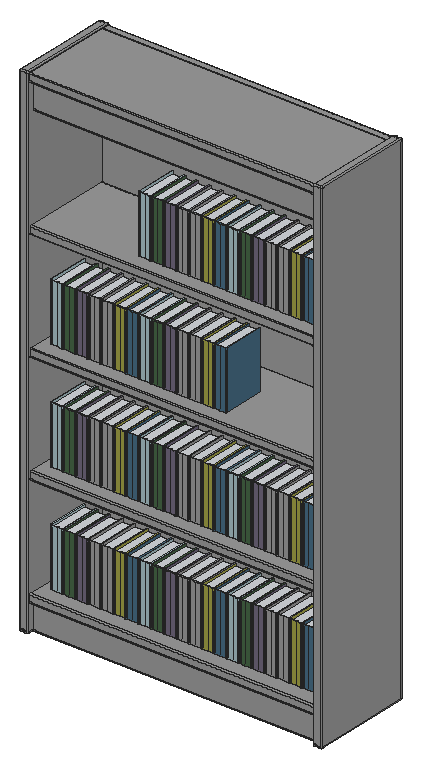
Revit family "Array 36x12x60", category Generic Models, Revit 2018
Family settings
  Can host rebar = No
  Round Connector Dimension = Use Diameter
  Part Type = Normal
  Work Plane-Based = No
  Always vertical = Yes
  Cut with Voids When Loaded = No
  Shared = No
  Room Calculation Point = No
Parameters
  Surface = Array Glider 36x12x60
Reference planes (in)
  plane 1 "Center (Front/Back)": y = 0
  plane 2: z = 0
  plane 3 "Center (Left/Right)": x = 0
Forms (in)
  Extrusion 1, solid, material "Array Glider 36x12x60" <- "Surface"
    sketch origin (0, 0, 18) x (0, 1, 0) y (0, 0, 1)
      loop
        line (-0.125, 41.23662) -> (-0.125, 42.00062)
        arc (-0.125, 42.00062) -> (-0.15956, 42.08405) -> (-0.243, 42.11862) r 0.118
        line (-0.243, 42.11862) -> (-11.757, 42.11862)
        arc (-11.757, 42.11862) -> (-11.84044, 42.08405) -> (-11.875, 42.00062) r 0.118
        line (-11.875, 42.00062) -> (-11.875, 41.23662)
        arc (-11.875, 41.23662) -> (-11.84044, 41.15318) -> (-11.757, 41.11862) r 0.118
        line (-11.757, 41.11862) -> (-0.243, 41.11862)
        arc (-0.243, 41.11862) -> (-0.15956, 41.15318) -> (-0.125, 41.23662) r 0.118
    from -17 to 17
  Extrusion 2, solid, material "Array Glider 36x12x60" <- "Surface"
    sketch origin (0, 0, -37.625) x (0, 1, 0) y (0, 0, 1)
      loop
        line (-0.993, 42.11862) -> (-11.757, 42.11862)
        arc (-11.757, 42.11862) -> (-11.84044, 42.08405) -> (-11.875, 42.00062) r 0.118
        line (-11.875, 42.00062) -> (-11.875, 41.23662)
        arc (-11.875, 41.23662) -> (-11.84044, 41.15318) -> (-11.757, 41.11862) r 0.118
        line (-11.757, 41.11862) -> (-0.993, 41.11862) -> (-0.993, 42.11862)
    from -17 to 17
  Extrusion 3, solid, material "Array Glider 36x12x60" <- "Surface"
    sketch origin (0, 0, 18) x (0, 1, 0) y (0, 0, 1)
      loop
        line (-11.25, 41.11862) -> (-11.25, 37.98662)
        arc (-11.25, 37.98662) -> (-11.21544, 37.90318) -> (-11.132, 37.86862) r 0.118
        line (-11.132, 37.86862) -> (-10.368, 37.86862)
        arc (-10.368, 37.86862) -> (-10.28456, 37.90318) -> (-10.25, 37.98662) r 0.118
        line (-10.25, 37.98662) -> (-10.25, 41.11862) -> (-11.25, 41.11862)
    from -17 to 17
  Extrusion 4, solid, material "Array Glider 36x12x60" <- "Surface"
    sketch origin (0, 0, -37.625) x (0, 1, 0) y (0, 0, 1)
      loop
        line (-11.25, 41.11862) -> (-11.25, 37.98662)
        arc (-11.25, 37.98662) -> (-11.21544, 37.90318) -> (-11.132, 37.86862) r 0.118
        line (-11.132, 37.86862) -> (-10.368, 37.86862)
        arc (-10.368, 37.86862) -> (-10.28456, 37.90318) -> (-10.25, 37.98662) r 0.118
        line (-10.25, 37.98662) -> (-10.25, 41.11862) -> (-11.25, 41.11862)
    from -17 to 17
  Extrusion 5, solid, material "Array Glider 36x12x60" <- "Surface"
    sketch origin (0, -0.618, 0) x (0, 1, 0) y (0, 0, 1)
      loop
        line (0.375, 0.24362) -> (0.375, 60.11862) -> (-0.375, 60.11862) -> (-0.375, 0.24362) -> (0.375, 0.24362)
    from -17 to 17
  Extrusion 6, solid, material "Array Glider 36x12x60" <- "Surface"
    sketch origin (0, 0, -24.53125) x (0, 1, 0) y (0, 0, 1)
      loop
        line (-0.993, 41.23662) -> (-0.993, 42.00062)
        arc (-0.993, 42.00062) -> (-1.02756, 42.08405) -> (-1.111, 42.11862) r 0.118
        line (-1.111, 42.11862) -> (-11.632, 42.11862)
        arc (-11.632, 42.11862) -> (-11.71544, 42.08405) -> (-11.75, 42.00062) r 0.118
        line (-11.75, 42.00062) -> (-11.75, 41.23662)
        arc (-11.75, 41.23662) -> (-11.71544, 41.15318) -> (-11.632, 41.11862) r 0.118
        line (-11.632, 41.11862) -> (-1.111, 41.11862)
        arc (-1.111, 41.11862) -> (-1.02756, 41.15318) -> (-0.993, 41.23662) r 0.118
    from -17 to 17
  Revolve 7, solid, material "Array Gliders"
    sketch origin (0, -9.56264, 0) x (1, 0, 0) y (0, 0, 1)
      loop
        line (-15.31312, 0) -> (-14.97741, 0)
        arc (-14.97741, 0) -> (-14.96813, 0.01343) -> (-14.9733, 0.02891) r 0.01826
        line (-14.9733, 0.02891) -> (-15.1255, 0.18112) -> (-15.18869, 0.18112) -> (-15.18869, 1.17538) -> (-15.31312, 1.17538) -> (-15.31312, 0)
      axis (-15.31312, 0) -> (-15.31312, 1.17538)
    angle from 0 to 360
  Extrusion 8, solid, material "Array Gliders"
    sketch origin (0, 0, 0) x (1, 0, 0) y (0, 1, 0)
      loop
        line (-13.9375, -10.25) -> (-16, -8.1875) -> (-16, -10.25) -> (-13.9375, -10.25)
    from 0.24362 to 0.30612
  Extrusion 9, solid, material "Array Glider 36x12x60" <- "Surface"
    sketch origin (0, 0, 0) x (1, 0, 0) y (0, 0, 1)
      loop
        line (-17, 3.49362) -> (-17, 0.24362) -> (-16, 0.24362) -> (-16, 3.49362) -> (-17, 3.49362)
    from 0.993 to 10.25
  Extrusion 10, solid, material "Array Glider 36x12x60" <- "Surface"
    sketch origin (0, 0, 0) x (-1, 0, 0) y (0, 0, -1)
      loop
        line (-17, -3.49362) -> (-16, -3.49362) -> (-16, -0.24362) -> (-17, -0.24362) -> (-17, -3.49362)
    from 0.993 to 10.25
  Extrusion 11, solid, material "Array Glider 36x12x60" <- "Surface"
    sketch origin (0, 0, 55.625) x (-1, 0, 0) y (0, 0, -1)
      loop
        line (-17, -3.49362) -> (-16, -3.49362) -> (-16, -0.36162)
        arc (-16, -0.36162) -> (-16.03456, -0.27818) -> (-16.118, -0.24362) r 0.118
        line (-16.118, -0.24362) -> (-16.882, -0.24362)
        arc (-16.882, -0.24362) -> (-16.96544, -0.27818) -> (-17, -0.36162) r 0.118
        line (-17, -0.36162) -> (-17, -3.49362)
    from 0.993 to 10.25
  Extrusion 12, solid, material "Array Glider 36x12x60" <- "Surface"
    sketch origin (0, 0, 55.625) x (1, 0, 0) y (0, 0, 1)
      loop
        line (-17, 3.49362) -> (-17, 0.36162)
        arc (-17, 0.36162) -> (-16.96544, 0.27818) -> (-16.882, 0.24362) r 0.118
        line (-16.882, 0.24362) -> (-16.118, 0.24362)
        arc (-16.118, 0.24362) -> (-16.03456, 0.27818) -> (-16, 0.36162) r 0.118
        line (-16, 0.36162) -> (-16, 3.49362) -> (-17, 3.49362)
    from 0.993 to 10.25
  Revolve 13, solid, material "Array Gliders"
    sketch origin (0, -9.56264, 0) x (-1, 0, 0) y (0, 0, -1)
      loop
        line (-15.31312, 0) -> (-15.31312, -1.17538) -> (-15.18869, -1.17538) -> (-15.18869, -0.18112) -> (-15.1255, -0.18112) -> (-14.9733, -0.02891)
        arc (-14.9733, -0.02891) -> (-14.96813, -0.01343) -> (-14.97741, 0) r 0.01826
        line (-14.97741, 0) -> (-15.31312, 0)
      axis (-15.31312, 0) -> (-15.31312, -1.17538)
    angle from 0 to 360
  Extrusion 14, solid, material "Array Gliders"
    sketch origin (0, 0, 0) x (-1, 0, 0) y (0, -1, 0)
      loop
        line (-13.9375, 10.25) -> (-16, 10.25) -> (-16, 8.1875) -> (-13.9375, 10.25)
    from 0.24362 to 0.30612
  Extrusion 15, solid, material "Array Glider 36x12x60" <- "Surface"
    sketch origin (0, 0, -11.4375) x (0, 1, 0) y (0, 0, 1)
      loop
        line (-0.993, 41.23662) -> (-0.993, 42.00062)
        arc (-0.993, 42.00062) -> (-1.02756, 42.08405) -> (-1.111, 42.11862) r 0.118
        line (-1.111, 42.11862) -> (-11.632, 42.11862)
        arc (-11.632, 42.11862) -> (-11.71544, 42.08405) -> (-11.75, 42.00062) r 0.118
        line (-11.75, 42.00062) -> (-11.75, 41.23662)
        arc (-11.75, 41.23662) -> (-11.71544, 41.15318) -> (-11.632, 41.11862) r 0.118
        line (-11.632, 41.11862) -> (-1.111, 41.11862)
        arc (-1.111, 41.11862) -> (-1.02756, 41.15318) -> (-0.993, 41.23662) r 0.118
    from -17 to 17
  Extrusion 16, solid, material "Array Glider 36x12x60" <- "Surface"
    sketch origin (0, 0, 1.65625) x (0, 1, 0) y (0, 0, 1)
      loop
        line (-0.993, 41.23662) -> (-0.993, 42.00062)
        arc (-0.993, 42.00062) -> (-1.02756, 42.08405) -> (-1.111, 42.11862) r 0.118
        line (-1.111, 42.11862) -> (-11.632, 42.11862)
        arc (-11.632, 42.11862) -> (-11.71544, 42.08405) -> (-11.75, 42.00062) r 0.118
        line (-11.75, 42.00062) -> (-11.75, 41.23662)
        arc (-11.75, 41.23662) -> (-11.71544, 41.15318) -> (-11.632, 41.11862) r 0.118
        line (-11.632, 41.11862) -> (-1.111, 41.11862)
        arc (-1.111, 41.11862) -> (-1.02756, 41.15318) -> (-0.993, 41.23662) r 0.118
    from -17 to 17
  Sweep 17, solid, material "Array Glider 36x12x60" <- "Surface"
    path origin (0, 0, 0) x (0, 1, 0) y (0, 0, -1)
      loop
        line (-11.86124, -60.12562) -> (-0.13876, -60.12562)
        arc (-0.13876, -60.12562) -> (-0.12408, -60.11954) -> (-0.118, -60.10486) r 0.02076
        line (-0.118, -60.10486) -> (-0.118, -0.38237)
        arc (-0.118, -0.38237) -> (-0.12408, -0.36769) -> (-0.13876, -0.36162) r 0.02076
        line (-0.13876, -0.36162) -> (-11.86124, -0.36162)
        arc (-11.86124, -0.36162) -> (-11.87592, -0.36769) -> (-11.882, -0.38237) r 0.02076
        line (-11.882, -0.38237) -> (-11.882, -60.10486)
        arc (-11.882, -60.10486) -> (-11.87592, -60.11954) -> (-11.86124, -60.12562) r 0.02076
    profile origin (0, -6, 60.12562) x (0, 0, -1) y (-1, 0, 0)
      loop
        arc (0, -17) -> (-0.08344, -17.03456) -> (-0.118, -17.118) r 0.118
        line (-0.118, -17.118) -> (-0.118, -17.882)
        arc (-0.118, -17.882) -> (-0.08344, -17.96544) -> (0, -18) r 0.118
        line (0, -18) -> (0, -17)
  Revolve 18, solid, material "Array Gliders"
    sketch origin (0, -1.68036, 0) x (1, 0, 0) y (0, 0, -1)
      loop
        line (-15.31312, 0) -> (-15.31312, -1.17538) -> (-15.18869, -1.17538) -> (-15.18869, -0.18112) -> (-15.1255, -0.18112) -> (-14.9733, -0.02891)
        arc (-14.9733, -0.02891) -> (-14.96813, -0.01343) -> (-14.97741, 0) r 0.01826
        line (-14.97741, 0) -> (-15.31312, 0)
      axis (-15.31312, 0) -> (-15.31312, -1.17538)
    angle from 0 to 360
  Extrusion 19, solid, material "Array Gliders"
    sketch origin (0, -11.243, 0) x (1, 0, 0) y (0, 1, 0)
      loop
        line (-13.9375, 10.25) -> (-16, 10.25) -> (-16, 8.1875) -> (-13.9375, 10.25)
    from 0.24362 to 0.30612
  Revolve 20, solid, material "Array Gliders"
    sketch origin (0, -1.68036, 0) x (-1, 0, 0) y (0, 0, 1)
      loop
        line (-15.31312, 0) -> (-14.97741, 0)
        arc (-14.97741, 0) -> (-14.96813, 0.01343) -> (-14.9733, 0.02891) r 0.01826
        line (-14.9733, 0.02891) -> (-15.1255, 0.18112) -> (-15.18869, 0.18112) -> (-15.18869, 1.17538) -> (-15.31312, 1.17538) -> (-15.31312, 0)
      axis (-15.31312, 0) -> (-15.31312, 1.17538)
    angle from 0 to 360
  Extrusion 21, solid, material "Array Gliders"
    sketch origin (0, -11.243, 0) x (-1, 0, 0) y (0, -1, 0)
      loop
        line (-13.9375, -10.25) -> (-16, -8.1875) -> (-16, -10.25) -> (-13.9375, -10.25)
    from 0.24362 to 0.30612
  Sweep 22, solid, material "Array Glider 36x12x60" <- "Surface"
    path origin (0, 0, 0) x (0, 1, 0) y (0, 0, 1)
      loop
        arc (-11.86124, 60.12562) -> (-11.87592, 60.11954) -> (-11.882, 60.10486) r 0.02076
        line (-11.882, 60.10486) -> (-11.882, 0.38237)
        arc (-11.882, 0.38237) -> (-11.87592, 0.36769) -> (-11.86124, 0.36162) r 0.02076
        line (-11.86124, 0.36162) -> (-0.13876, 0.36162)
        arc (-0.13876, 0.36162) -> (-0.12408, 0.36769) -> (-0.118, 0.38237) r 0.02076
        line (-0.118, 0.38237) -> (-0.118, 60.10486)
        arc (-0.118, 60.10486) -> (-0.12408, 60.11954) -> (-0.13876, 60.12562) r 0.02076
        line (-0.13876, 60.12562) -> (-11.86124, 60.12562)
    profile origin (0, -6, 60.12562) x (0, 0, 1) y (1, 0, 0)
      loop
        line (0, -17) -> (0, -18)
        arc (0, -18) -> (0.08344, -17.96544) -> (0.118, -17.882) r 0.118
        line (0.118, -17.882) -> (0.118, -17.118)
        arc (0.118, -17.118) -> (0.08344, -17.03456) -> (0, -17) r 0.118
  Extrusion 23, solid, material "Array Glider 36x12x60" <- "Surface"
    sketch origin (0, 0, 0) x (0, 1, 0) y (0, 0, 1)
      loop
        line (-0.13876, 60.12562) -> (-11.86124, 60.12562)
        arc (-11.86124, 60.12562) -> (-11.87592, 60.11954) -> (-11.882, 60.10486) r 0.02076
        line (-11.882, 60.10486) -> (-11.882, 0.38237)
        arc (-11.882, 0.38237) -> (-11.87592, 0.36769) -> (-11.86124, 0.36162) r 0.02076
        line (-11.86124, 0.36162) -> (-0.13876, 0.36162)
        arc (-0.13876, 0.36162) -> (-0.12408, 0.36769) -> (-0.118, 0.38237) r 0.02076
        line (-0.118, 0.38237) -> (-0.118, 60.10486)
        arc (-0.118, 60.10486) -> (-0.12408, 60.11954) -> (-0.13876, 60.12562) r 0.02076
    from 17 to 18
  Extrusion 24, solid, material "Array Glider 36x12x60" <- "Surface"
    sketch origin (0, 0, 0) x (0, 1, 0) y (0, 0, -1)
      loop
        arc (-0.13876, -60.12562) -> (-0.12408, -60.11954) -> (-0.118, -60.10486) r 0.02076
        line (-0.118, -60.10486) -> (-0.118, -0.38237)
        arc (-0.118, -0.38237) -> (-0.12408, -0.36769) -> (-0.13876, -0.36162) r 0.02076
        line (-0.13876, -0.36162) -> (-11.86124, -0.36162)
        arc (-11.86124, -0.36162) -> (-11.87592, -0.36769) -> (-11.882, -0.38237) r 0.02076
        line (-11.882, -0.38237) -> (-11.882, -60.10486)
        arc (-11.882, -60.10486) -> (-11.87592, -60.11954) -> (-11.86124, -60.12562) r 0.02076
        line (-11.86124, -60.12562) -> (-0.13876, -60.12562)
    from 17 to 18
Dimensions and locks (in)
  aligned and locked: plane 2 to level
Nested families (in)
  nested 1: "Books" at (-15.25, -9.9375, 4.49362), type "Books"
  nested 2: "Books" at (-4.75, -9.9375, 4.49362), type "Books"
  nested 3: "Books" at (5.75, -9.9375, 4.49362), type "Books"
  nested 4: "Books" at (-15.25, -9.9375, 17.58737), type "Books"
  nested 5: "Books" at (-4.75, -9.9375, 17.58737), type "Books"
  nested 6: "Books" at (5.75, -9.9375, 17.58737), type "Books"
  nested 7: "Books" at (-15.25, -9.9375, 30.68112), type "Books"
  nested 8: "Books" at (-4.75, -9.9375, 30.68112), type "Books"
  nested 9: "Books" at (-4.75, -9.9375, 43.77487), type "Books"
  nested 10: "Books" at (5.75, -9.9375, 43.77487), type "Books"
Definition of nested family "Books"
  Reference planes (in)
    plane 1 "Center (Front/Back)": y = 0
    plane 2: z = 0
    plane 3 "Center (Left/Right)": x = 0
    plane 4: z = 0.125
    plane 5: z = 10.875
    plane 6: z = 8.875
    plane 7: y = 1
    plane 8: y = 6
    plane 9: y = 5
    plane 10: z = 6.875
  Forms (in)
    Extrusion 1, solid
      sketch origin (0, 0, 0) x (1, 0, 0) y (0, 1, 0)
        loop
          line (-0.75, 5) -> (-0.75, 0.16705)
          arc (-0.75, 0.16705) -> (-0.70136, 0.11841) -> (-0.75, 0.06977) r 0.04864
          arc (-0.75, 0.06977) -> (-0.71934, 0.01698) -> (-0.66069, 0) r 0.082
          line (-0.66069, 0) -> (0, 0) -> (0.66069, 0)
          arc (0.66069, 0) -> (0.71934, 0.01698) -> (0.75, 0.06977) r 0.082
          arc (0.75, 0.06977) -> (0.70136, 0.11841) -> (0.75, 0.16705) r 0.04864
          line (0.75, 0.16705) -> (0.75, 5) -> (0.6254, 5) -> (0.6254, 0.12848)
          arc (0.6254, 0.12848) -> (0.6041, 0.08281) -> (0.55544, 0.06977) r 0.05961
          line (0.55544, 0.06977) -> (0, 0.06977) -> (-0.55544, 0.06977)
          arc (-0.55544, 0.06977) -> (-0.6041, 0.08281) -> (-0.6254, 0.12848) r 0.05961
          line (-0.6254, 0.12848) -> (-0.6254, 5) -> (-0.75, 5)
      from 0 to 6.875
    Extrusion 2, solid
      sketch origin (-4.75, -180, 0.125) x (-1, 0, 0) y (0, -1, 0)
        loop
          line (-4.1246, -184.88306) -> (-4.1246, -180.13971) -> (-5.3754, -180.13971) -> (-5.3754, -184.88306) -> (-4.1246, -184.88306)
      from 0 to 6.57025
    Extrusion 3, solid
      sketch origin (1.5, 0, 0) x (1, 0, 0) y (0, 1, 0)
        loop
          line (-0.75, 5) -> (-0.75, 0.16705)
          arc (-0.75, 0.16705) -> (-0.70136, 0.11841) -> (-0.75, 0.06977) r 0.04864
          arc (-0.75, 0.06977) -> (-0.71934, 0.01698) -> (-0.66069, 0) r 0.082
          line (-0.66069, 0) -> (0, 0) -> (0.66069, 0)
          arc (0.66069, 0) -> (0.71934, 0.01698) -> (0.75, 0.06977) r 0.082
          arc (0.75, 0.06977) -> (0.70136, 0.11841) -> (0.75, 0.16705) r 0.04864
          line (0.75, 0.16705) -> (0.75, 5) -> (0.6254, 5) -> (0.6254, 0.12848)
          arc (0.6254, 0.12848) -> (0.6041, 0.08281) -> (0.55544, 0.06977) r 0.05961
          line (0.55544, 0.06977) -> (0, 0.06977) -> (-0.55544, 0.06977)
          arc (-0.55544, 0.06977) -> (-0.6041, 0.08281) -> (-0.6254, 0.12848) r 0.05961
          line (-0.6254, 0.12848) -> (-0.6254, 5) -> (-0.75, 5)
      from 0 to 6.875
    Extrusion 4, solid
      sketch origin (-3.25, -180, 0.125) x (-1, 0, 0) y (0, -1, 0)
        loop
          line (-4.1246, -184.88306) -> (-4.1246, -180.13971) -> (-5.3754, -180.13971) -> (-5.3754, -184.88306) -> (-4.1246, -184.88306)
      from 0 to 6.57025
    Extrusion 5, solid
      sketch origin (3, 0, 0) x (1, 0, 0) y (0, 1, 0)
        loop
          line (-0.75, 5) -> (-0.75, 0.16705)
          arc (-0.75, 0.16705) -> (-0.70136, 0.11841) -> (-0.75, 0.06977) r 0.04864
          arc (-0.75, 0.06977) -> (-0.71934, 0.01698) -> (-0.66069, 0) r 0.082
          line (-0.66069, 0) -> (0, 0) -> (0.66069, 0)
          arc (0.66069, 0) -> (0.71934, 0.01698) -> (0.75, 0.06977) r 0.082
          arc (0.75, 0.06977) -> (0.70136, 0.11841) -> (0.75, 0.16705) r 0.04864
          line (0.75, 0.16705) -> (0.75, 5) -> (0.6254, 5) -> (0.6254, 0.12848)
          arc (0.6254, 0.12848) -> (0.6041, 0.08281) -> (0.55544, 0.06977) r 0.05961
          line (0.55544, 0.06977) -> (0, 0.06977) -> (-0.55544, 0.06977)
          arc (-0.55544, 0.06977) -> (-0.6041, 0.08281) -> (-0.6254, 0.12848) r 0.05961
          line (-0.6254, 0.12848) -> (-0.6254, 5) -> (-0.75, 5)
      from 0 to 6.875
    Extrusion 6, solid
      sketch origin (-1.75, -180, 0.125) x (-1, 0, 0) y (0, -1, 0)
        loop
          line (-4.1246, -184.88306) -> (-4.1246, -180.13971) -> (-5.3754, -180.13971) -> (-5.3754, -184.88306) -> (-4.1246, -184.88306)
      from 0 to 6.57025
    Extrusion 7, solid
      sketch origin (4.5, 0, 0) x (1, 0, 0) y (0, 1, 0)
        loop
          line (-0.75, 5) -> (-0.75, 0.16705)
          arc (-0.75, 0.16705) -> (-0.70136, 0.11841) -> (-0.75, 0.06977) r 0.04864
          arc (-0.75, 0.06977) -> (-0.71934, 0.01698) -> (-0.66069, 0) r 0.082
          line (-0.66069, 0) -> (0, 0) -> (0.66069, 0)
          arc (0.66069, 0) -> (0.71934, 0.01698) -> (0.75, 0.06977) r 0.082
          arc (0.75, 0.06977) -> (0.70136, 0.11841) -> (0.75, 0.16705) r 0.04864
          line (0.75, 0.16705) -> (0.75, 5) -> (0.6254, 5) -> (0.6254, 0.12848)
          arc (0.6254, 0.12848) -> (0.6041, 0.08281) -> (0.55544, 0.06977) r 0.05961
          line (0.55544, 0.06977) -> (0, 0.06977) -> (-0.55544, 0.06977)
          arc (-0.55544, 0.06977) -> (-0.6041, 0.08281) -> (-0.6254, 0.12848) r 0.05961
          line (-0.6254, 0.12848) -> (-0.6254, 5) -> (-0.75, 5)
      from 0 to 6.875
    Extrusion 8, solid
      sketch origin (-0.25, -180, 0.125) x (-1, 0, 0) y (0, -1, 0)
        loop
          line (-4.1246, -184.88306) -> (-4.1246, -180.13971) -> (-5.3754, -180.13971) -> (-5.3754, -184.88306) -> (-4.1246, -184.88306)
      from 0 to 6.57025
    Extrusion 9, solid
      sketch origin (6, 0, 0) x (1, 0, 0) y (0, 1, 0)
        loop
          line (-0.75, 5) -> (-0.75, 0.16705)
          arc (-0.75, 0.16705) -> (-0.70136, 0.11841) -> (-0.75, 0.06977) r 0.04864
          arc (-0.75, 0.06977) -> (-0.71934, 0.01698) -> (-0.66069, 0) r 0.082
          line (-0.66069, 0) -> (0, 0) -> (0.66069, 0)
          arc (0.66069, 0) -> (0.71934, 0.01698) -> (0.75, 0.06977) r 0.082
          arc (0.75, 0.06977) -> (0.70136, 0.11841) -> (0.75, 0.16705) r 0.04864
          line (0.75, 0.16705) -> (0.75, 5) -> (0.6254, 5) -> (0.6254, 0.12848)
          arc (0.6254, 0.12848) -> (0.6041, 0.08281) -> (0.55544, 0.06977) r 0.05961
          line (0.55544, 0.06977) -> (0, 0.06977) -> (-0.55544, 0.06977)
          arc (-0.55544, 0.06977) -> (-0.6041, 0.08281) -> (-0.6254, 0.12848) r 0.05961
          line (-0.6254, 0.12848) -> (-0.6254, 5) -> (-0.75, 5)
      from 0 to 6.875
    Extrusion 10, solid
      sketch origin (1.25, -180, 0.125) x (-1, 0, 0) y (0, -1, 0)
        loop
          line (-4.1246, -184.88306) -> (-4.1246, -180.13971) -> (-5.3754, -180.13971) -> (-5.3754, -184.88306) -> (-4.1246, -184.88306)
      from 0 to 6.57025
    Extrusion 11, solid
      sketch origin (7.5, 0, 0) x (1, 0, 0) y (0, 1, 0)
        loop
          line (-0.75, 5) -> (-0.75, 0.16705)
          arc (-0.75, 0.16705) -> (-0.70136, 0.11841) -> (-0.75, 0.06977) r 0.04864
          arc (-0.75, 0.06977) -> (-0.71934, 0.01698) -> (-0.66069, 0) r 0.082
          line (-0.66069, 0) -> (0, 0) -> (0.66069, 0)
          arc (0.66069, 0) -> (0.71934, 0.01698) -> (0.75, 0.06977) r 0.082
          arc (0.75, 0.06977) -> (0.70136, 0.11841) -> (0.75, 0.16705) r 0.04864
          line (0.75, 0.16705) -> (0.75, 5) -> (0.6254, 5) -> (0.6254, 0.12848)
          arc (0.6254, 0.12848) -> (0.6041, 0.08281) -> (0.55544, 0.06977) r 0.05961
          line (0.55544, 0.06977) -> (0, 0.06977) -> (-0.55544, 0.06977)
          arc (-0.55544, 0.06977) -> (-0.6041, 0.08281) -> (-0.6254, 0.12848) r 0.05961
          line (-0.6254, 0.12848) -> (-0.6254, 5) -> (-0.75, 5)
      from 0 to 6.875
    Extrusion 12, solid
      sketch origin (2.75, -180, 0.125) x (-1, 0, 0) y (0, -1, 0)
        loop
          line (-4.1246, -184.88306) -> (-4.1246, -180.13971) -> (-5.3754, -180.13971) -> (-5.3754, -184.88306) -> (-4.1246, -184.88306)
      from 0 to 6.57025
    Extrusion 13, solid
      sketch origin (9, 0, 0) x (1, 0, 0) y (0, 1, 0)
        loop
          line (-0.75, 5) -> (-0.75, 0.16705)
          arc (-0.75, 0.16705) -> (-0.70136, 0.11841) -> (-0.75, 0.06977) r 0.04864
          arc (-0.75, 0.06977) -> (-0.71934, 0.01698) -> (-0.66069, 0) r 0.082
          line (-0.66069, 0) -> (0, 0) -> (0.66069, 0)
          arc (0.66069, 0) -> (0.71934, 0.01698) -> (0.75, 0.06977) r 0.082
          arc (0.75, 0.06977) -> (0.70136, 0.11841) -> (0.75, 0.16705) r 0.04864
          line (0.75, 0.16705) -> (0.75, 5) -> (0.6254, 5) -> (0.6254, 0.12848)
          arc (0.6254, 0.12848) -> (0.6041, 0.08281) -> (0.55544, 0.06977) r 0.05961
          line (0.55544, 0.06977) -> (0, 0.06977) -> (-0.55544, 0.06977)
          arc (-0.55544, 0.06977) -> (-0.6041, 0.08281) -> (-0.6254, 0.12848) r 0.05961
          line (-0.6254, 0.12848) -> (-0.6254, 5) -> (-0.75, 5)
      from 0 to 6.875
    Extrusion 14, solid
      sketch origin (4.25, -180, 0.125) x (-1, 0, 0) y (0, -1, 0)
        loop
          line (-4.1246, -184.88306) -> (-4.1246, -180.13971) -> (-5.3754, -180.13971) -> (-5.3754, -184.88306) -> (-4.1246, -184.88306)
      from 0 to 6.57025
  Lines and regions (in)
    model lines
      curve 1: line (-0.3754, 4.88306, 6.69525) -> (-0.3754, 0.13971, 6.69525)
      curve 2: line (-0.1254, 4.88306, 6.69525) -> (-0.1254, 0.13971, 6.69525)
      curve 3: line (0.1246, 4.88306, 6.69525) -> (0.1246, 0.13971, 6.69525)
      curve 4: line (0.3746, 4.88306, 6.69525) -> (0.3746, 0.13971, 6.69525)
      curve 5: line (1.1246, 4.88306, 6.69525) -> (1.1246, 0.13971, 6.69525)
      curve 6: line (1.3746, 4.88306, 6.69525) -> (1.3746, 0.13971, 6.69525)
      curve 7: line (1.6246, 4.88306, 6.69525) -> (1.6246, 0.13971, 6.69525)
      curve 8: line (1.8746, 4.88306, 6.69525) -> (1.8746, 0.13971, 6.69525)
      curve 9: line (2.6246, 4.88306, 6.69525) -> (2.6246, 0.13971, 6.69525)
      curve 10: line (2.8746, 4.88306, 6.69525) -> (2.8746, 0.13971, 6.69525)
      curve 11: line (3.1246, 4.88306, 6.69525) -> (3.1246, 0.13971, 6.69525)
      curve 12: line (3.3746, 4.88306, 6.69525) -> (3.3746, 0.13971, 6.69525)
      curve 13: line (4.1246, 4.88306, 6.69525) -> (4.1246, 0.13971, 6.69525)
      curve 14: line (4.3746, 4.88306, 6.69525) -> (4.3746, 0.13971, 6.69525)
      curve 15: line (4.6246, 4.88306, 6.69525) -> (4.6246, 0.13971, 6.69525)
      curve 16: line (4.8746, 4.88306, 6.69525) -> (4.8746, 0.13971, 6.69525)
      curve 17: line (5.6246, 4.88306, 6.69525) -> (5.6246, 0.13971, 6.69525)
      curve 18: line (5.8746, 4.88306, 6.69525) -> (5.8746, 0.13971, 6.69525)
      curve 19: line (6.1246, 4.88306, 6.69525) -> (6.1246, 0.13971, 6.69525)
      curve 20: line (6.3746, 4.88306, 6.69525) -> (6.3746, 0.13971, 6.69525)
      curve 21: line (7.1246, 4.88306, 6.69525) -> (7.1246, 0.13971, 6.69525)
      curve 22: line (7.3746, 4.88306, 6.69525) -> (7.3746, 0.13971, 6.69525)
      curve 23: line (7.6246, 4.88306, 6.69525) -> (7.6246, 0.13971, 6.69525)
      curve 24: line (7.8746, 4.88306, 6.69525) -> (7.8746, 0.13971, 6.69525)
      curve 25: line (8.6246, 4.88306, 6.69525) -> (8.6246, 0.13971, 6.69525)
      curve 26: line (8.8746, 4.88306, 6.69525) -> (8.8746, 0.13971, 6.69525)
      curve 27: line (9.1246, 4.88306, 6.69525) -> (9.1246, 0.13971, 6.69525)
      curve 28: line (9.3746, 4.88306, 6.69525) -> (9.3746, 0.13971, 6.69525)
